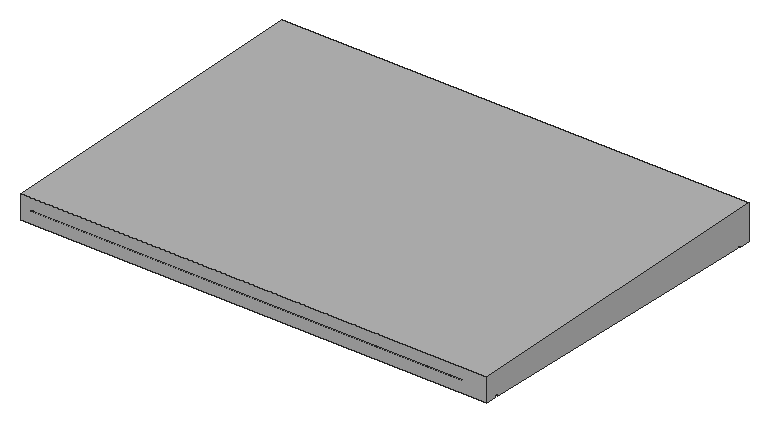
Revit family "WC277 Feather Edge", category Generic Models, Revit 2020
Family settings
  Can host rebar = No
  Round Connector Dimension = Use Diameter
  Part Type = Normal
  Work Plane-Based = No
  Always vertical = Yes
  Cut with Voids When Loaded = No
  Shared = No
  Room Calculation Point = No
Parameters
  Weight = "105Kg"
  Warranty Guarantor Parts = "n/a"
  Warranty Guarantor Labour = "n/a"
  Warranty Duration Unit = "n/a"
  Warranty Duration Parts = "n/a"
  Warranty Duration Labour = "n/a"
  Warranty Description = "n/a"
  Unit Width [instance] = 700 mm
  Unit Length [instance] = 1000 mm
  Unit Height [instance] = 75 mm
  URL = "www.killeshal.com"
  Types = "Single"
  Type Comments = "Visit our website for a full list of available products."
  Sustainability Performance = "n/a"
  Structural Class = "n/a"
  Span = "Unit Length"
  Slope = "0.00°"
  Size = "700mm x 75 to 50mm"
  Shape = "As per drawing"
  Service Life = "0.000000"
  Serial Number = "n/a"
  Resistance to Fire = "n/a"
  Replacement Cost = "n/a"
  Reference = "n/a"
  Notified Body = "n/a"
  Nominal Cover to Main Bar = "n/a"
  Model = "W/C 277 Wall Cap."
  Mechanical Resistance = "n/a"
  Manufacturer = "Killeshal Precast Concrete Ltd."
  Load Bearing = no
  Life Cycle Environmental Load = "n/a"
  Length Options = "Stock size 1000mm."
  Keynote = "The information contained is the sole property of KPC Ltd., any reproduction in part or whole without permission of KPC Ltd. is prohibited."
  Environmental Product Declaration = "n/a"
  Environmental Class = "n/a"
  Durability against Corrosion = "n/a"
  Dimension Accuracy Class = "n/a"
  Detailing = "As per design specification and product drawings."
  Description = "Feather Edge Wall Cap"
  Default Elevation = 0 mm
  Dangerous Substances = "n/a"
  Contact Tel = "0035357 9353018"
  Contact Email = "sales@killeshal.com"
  Construction Type = "Precast"
  Construction Tolerance Class = "n/a"
  Compressive Strength of Concrete = "n/a"
  Characteristics of Reinforcing Steel = "n/a"
  Characteristics Deflection Under Load = "n/a"
Reference planes
  plane 1 "Center (Front/Back)": y = 0
  plane 2: z = 0
  plane 3 "Center (Left/Right)": x = 0
  plane 4 "Rear": y = 350
  plane 5 "Front": y = -350
  plane 6 "Top": z = 75
  plane 7 "Center L/T": z = 50
Forms (mm)
  Extrusion 1, solid, material "Precast Concrete (KPC)"
    sketch origin (0, 0, 0) x (0, 1, 0) y (0, 0, 1)
      loop
        line (-350, 50) -> (-350, 0) -> (-330, 0)
        arc (-330, 0) -> (-325, 5) -> (-320, 0) r 5
        line (-320, 0) -> (320, 0)
        arc (320, 0) -> (325, 5) -> (330, 0) r 5
        line (330, 0) -> (350, 0) -> (350, 75) -> (-350, 50)
    from 0 to 1000
Dimensions and locks
  "Unit Length": Extrusion 1 to Extrusion 1
  "Unit Width": Extrusion 1 to Extrusion 1
  Extrusion 1 to plane 7 "Center L/T" = 50 mm
  "Unit Height": Extrusion 1 to plane 6 "Top"
  aligned and locked: level to plane 2
Automatic sketch dimensions
  Extrusion 1 sketch curve to plane 5 "Front" = 0 mm
  Extrusion 1 sketch curve to level = 0 mm
  Extrusion 1 sketch curve to plane 4 "Rear" = 0 mm
  Extrusion 1 sketch curve to plane 7 "Center L/T" = 0 mm
  Extrusion 1 sketch curve to plane 6 "Top" = 0 mm
  plane 5 "Front" to Extrusion 1 sketch curve = 20 mm
  Extrusion 1 sketch curve to Extrusion 1 sketch curve = 5 mm  (x2)
  Extrusion 1 sketch curve to Extrusion 1 sketch curve = 30 mm
